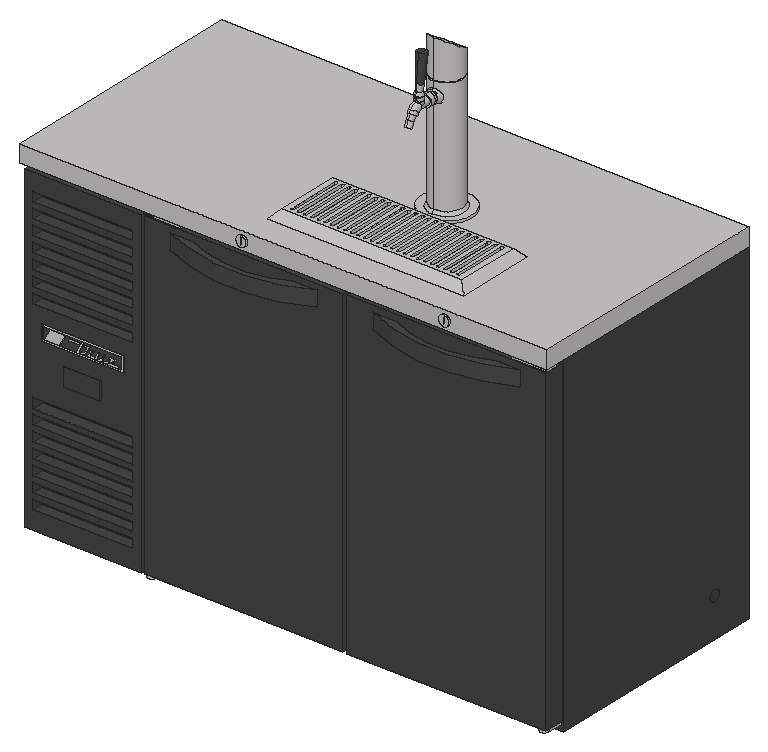
Revit family "QF_TRUE_TDR52-RISZ1-L-B-SS-1", category Specialty Equipment, Revit 2016
Family settings
  Part Type = Normal
  Round Connector Dimension = Use Diameter
  Work Plane-Based = No
  Always vertical = Yes
  Cut with Voids When Loaded = No
  Shared = No
  Room Calculation Point = No
Parameters (values of type "QF_TRUE_TDR52-RISZ1-L-B-SS-1")
  Weight in Pounds = 405
  Watts = if(Phase = 3, Volts * FL Amps * 1.73, Volts * FL Amps)  # 207 W
  Waste Water Discharge Temperature = 0 °F
  Volts = 115 V
  URL Cutsheet = ""
  Specification by User = ""
  Specification by Manufacturer = ""
  Show Logo [instance] = yes
  Show Leg Levelers [instance] = no
  Show Standard Unit [instance] = yes
  Show Seismic Flange [instance] = no
  Show 6 Inches Legs [instance] = no
  Show Clearance [instance] = yes
  Show 1 Inch Rollers [instance] = no
  Show 5 Inches Castors [instance] = no
  Show 4 Inches Castors [instance] = no
  Show 3 Inches Castors [instance] = no
  Show 2 Inches Castors [instance] = no
  Serial Number = ""
  Seismic Rating = ""
  SMACNA No = ""
  Revision Code = ""
  Plumbing Remarks = ""
  Plumbing Connection Type = ""
  Phase = 1
  Number of Poles = 1
  NAFEM Spec ID Number = ""
  Model = "TDR52-RISZ1-L-B-SS-1"
  Min Ckt Ampacity = 0 A
  Max Overcurrent Protection = 0 A
  Masterspec = ""
  Manufacturer = "TRUE"
  Length = 52"
  Item Number = ""
  Installed By = ""
  Indirect Waste Size = 1"
  Indirect Waste Flow = 0 GPM
  Indirect Waste Connection Type = ""
  Indirect Waste Connection Height = 0"
  Identify Quantity as Lot = yes
  Height [instance] = if(Show Standard Unit, 34 11/16", if(Show Leg Levelers, 34 15/16", if(Show 1 Inch Rollers, 35 9/16", if(Show 2 Inches Castors, 37 9/16", if(Show 3 Inches Castors, 38 9/16", if(Show 4 Inches Castors, 39 3/4", if(Show 5 Inches Castors, 40 3/4", if(Show 6 Inches Legs, 40 11/16", if(Show Seismic Flange, 40 11/16", 34 11/16")))))))))  # 34 11/16"
  HP = "1/5"
  Furnished By = ""
  Foodservice Equipment Identifier = yes
  FL Amps = 1.8 A
  Electrical Remarks = ""
  Electric Connection Type = ""
  Elec Conn RI Height = 0"
  Elec Conn Connection Height = 0"
  Description = "REACH-IN SINGLE ZONE REFRIGERATOR WITH LEFT SIDE REFRIGERATION SYSTEM. BLACK EXTERIOR AND SOLID SWING DOORS"  # constant formula
  Depth = 26 3/8"
  Cycle = 60 Hz
  Conn Plug = "NEMA 5-15P"
  Conn Conduit = yes
  Cold Water Temperature Recommended = 0 °F
  Cold Water Size = 2 1/4"
  Cold Water RI Height = 0"
  Cold Water Minimum Pressure = 0.00 psi
  Cold Water Maximum Pressure = 0.00 psi
  Cold Water Flow = 0 GPM
  Cold Water Consumption = ""
  Cold Water Connection Height = 0"
  CSI MasterFormat = ""
  Apparent Power = if(Phase = 3, Volts * FL Amps * 1.73, Volts * FL Amps)  # 207 VA
Reference planes (in)
  plane 1 "BACK": y = 0
  plane 2: z = 0
  plane 3 "LEFT": x = 0
  plane 4 "RIGHT": x = 52
  plane 5 "FRONT": y = -26.375
  plane 6 "TOP": z = 0
  plane 7 "Center Y": x = 26
  plane 8 "Center X": y = -13.1875
  plane 9: y = -24.84375
  plane 10: y = -24.65625
  plane 11: y = -43.59375
  plane 12: z = 34.6875
Dimensions and locks (in)
  equal spacing: plane 3 "LEFT", plane 7 "Center Y", plane 4 "RIGHT"
  "Length": plane 3 "LEFT" to plane 4 "RIGHT"
  equal spacing: plane 5 "FRONT", plane 8 "Center X", plane 1 "BACK"
  "Depth": plane 5 "FRONT" to plane 1 "BACK"
  "Height": plane 12 to level
  plane 3 "LEFT" to plane 4 "RIGHT" = 52"
  plane 5 "FRONT" to plane 1 "BACK" = 26 3/8"
  plane 9 to plane 1 "BACK" = 24 27/32"
  plane 10 to plane 1 "BACK" = 24 21/32"
  plane 11 to plane 1 "BACK" = 43 19/32"
  locked: plane 12 to plane 6 "TOP" at 34.6875
  aligned and locked: level to plane 2
  aligned and locked: nested 1 to plane 6 "TOP"
Nested families (in)
  nested 1: "TDR52-RISZ1-L-B-SS-1" at (0, 0, 0), Show Clearance <- "Show Clearance", Show Logo <- "Show Logo", type "TDR52-RISZ1-L-B-SS-1"
    with Show Logo yes, Show Clearance yes
  nested 2: "CASTORS & LEGS" at (4, -20.61228, 0), Show 2 Inches Castors <- "Show 2 Inches Castors", Show 3 Inches Castors <- "Show 3 Inches Castors", Show 4 Inches Castors <- "Show 4 Inches Castors", Show 5 Inches Castors <- "Show 5 Inches Castors", Show Legs <- "Show 6 Inches Legs", Show Legs with Flandge <- "Show Seismic Flange", Show 1 Inch Rollers <- "Show 1 Inch Rollers", Show Leg Levelers <- "Show Leg Levelers", type "CASTORS & LEGS"
    with Type Mark "", Status "", Specification by User "", Show Legs with Flandge no, Show Legs no, Show Leg Levelers no, Show 5 Inches Castors no, Show 4 Inches Castors no, Show 3 Inches Castors no, Show 2 Inches Castors no, Show 1 Inch Rollers no, Revision Code "", Item Number "", Installed By "", Identify Quantity as Lot yes, Furnished By "", Foodservice Equipment Identifier yes
  nested 3: "CASTORS & LEGS" at (48, -20.61228, 0), Show 2 Inches Castors <- "Show 2 Inches Castors", Show 3 Inches Castors <- "Show 3 Inches Castors", Show 4 Inches Castors <- "Show 4 Inches Castors", Show 5 Inches Castors <- "Show 5 Inches Castors", Show Legs <- "Show 6 Inches Legs", Show Legs with Flandge <- "Show Seismic Flange", Show 1 Inch Rollers <- "Show 1 Inch Rollers", Show Leg Levelers <- "Show Leg Levelers", type "CASTORS & LEGS"
    with Type Mark "", Status "", Specification by User "", Show Legs with Flandge no, Show Legs no, Show Leg Levelers no, Show 5 Inches Castors no, Show 4 Inches Castors no, Show 3 Inches Castors no, Show 2 Inches Castors no, Show 1 Inch Rollers no, Revision Code "", Item Number "", Installed By "", Identify Quantity as Lot yes, Furnished By "", Foodservice Equipment Identifier yes
  nested 4: "CASTORS & LEGS" at (4, -3.48728, 0), Show 2 Inches Castors <- "Show 2 Inches Castors", Show 3 Inches Castors <- "Show 3 Inches Castors", Show 4 Inches Castors <- "Show 4 Inches Castors", Show 5 Inches Castors <- "Show 5 Inches Castors", Show Legs <- "Show 6 Inches Legs", Show Legs with Flandge <- "Show Seismic Flange", Show 1 Inch Rollers <- "Show 1 Inch Rollers", Show Leg Levelers <- "Show Leg Levelers", type "CASTORS & LEGS"
    with Type Mark "", Status "", Specification by User "", Show Legs with Flandge no, Show Legs no, Show Leg Levelers no, Show 5 Inches Castors no, Show 4 Inches Castors no, Show 3 Inches Castors no, Show 2 Inches Castors no, Show 1 Inch Rollers no, Revision Code "", Item Number "", Installed By "", Identify Quantity as Lot yes, Furnished By "", Foodservice Equipment Identifier yes
  nested 5: "CASTORS & LEGS" at (48, -3.48728, 0), Show 2 Inches Castors <- "Show 2 Inches Castors", Show 3 Inches Castors <- "Show 3 Inches Castors", Show 4 Inches Castors <- "Show 4 Inches Castors", Show 5 Inches Castors <- "Show 5 Inches Castors", Show Legs <- "Show 6 Inches Legs", Show Legs with Flandge <- "Show Seismic Flange", Show 1 Inch Rollers <- "Show 1 Inch Rollers", Show Leg Levelers <- "Show Leg Levelers", type "CASTORS & LEGS"
    with Type Mark "", Status "", Specification by User "", Show Legs with Flandge no, Show Legs no, Show Leg Levelers no, Show 5 Inches Castors no, Show 4 Inches Castors no, Show 3 Inches Castors no, Show 2 Inches Castors no, Show 1 Inch Rollers no, Revision Code "", Item Number "", Installed By "", Identify Quantity as Lot yes, Furnished By "", Foodservice Equipment Identifier yes
Connectors (in)
  electrical at (6, 0.25, 18.5), driven by "Volts", driven by "Watts"
    settings: on nested 1, index 1, voltage 115 V, apparent load 207 VA, apparent load phase1 0 VA, apparent load phase2 0 VA, apparent load phase3 0 VA, power factor 1, load classification "Other", number of poles 1, system type 30, power factor state 1, is connector primary yes, connector utility no, sub classification motor no, connector description "ELECTRICAL CONNECTION"
  piping at (16.75, -4.96875, 0.48808), diameter 2.25
    settings: on nested 1, index 2, connector inside diameter 24", connector length 0", flow factor 0, pipe flow 0 GPM, pressure drop 0.00 psi, fitting loss kfactor 0, connector angle 0.00°, fixture units 0, engagement length 0", angle of deflection 0.00°, flow configuration 1, flow direction 2, fitting loss method 0, system type 16, joint type 0, gender type 0, connector reference index -1, connector utility 0, adjustable connector no, is connector primary yes, connector description "FLOOR ACCESS"
  piping at (44.25, -4.34375, 0.48808), diameter 1, driven by "Indirect Waste Size"
    settings: on nested 1, index 3, connector inside diameter 24", connector length 0", flow factor 0, pipe flow 0 GPM, pressure drop 0.00 psi, fitting loss kfactor 0, connector angle 0.00°, fixture units 0, engagement length 0", angle of deflection 0.00°, flow configuration 1, flow direction 1, fitting loss method 0, system type 22, joint type 0, gender type 0, connector reference index -1, connector utility 0, adjustable connector no, is connector primary no, connector description "DRAIN"
  piping at (52.125, -4.3125, 3.96875), diameter 1
    settings: on nested 1, index 4, connector inside diameter 24", connector length 0", flow factor 0, pipe flow 0 GPM, pressure drop 0.00 psi, fitting loss kfactor 0, connector angle 0.00°, fixture units 0, engagement length 0", angle of deflection 0.00°, flow configuration 1, flow direction 1, fitting loss method 0, system type 22, joint type 0, gender type 0, connector reference index -1, connector utility 0, adjustable connector no, is connector primary no, connector description "CONDENSATE"
Definition of nested family "TDR52-RISZ1-L-B-SS-1"
  Parameters (values of type "TDR52-RISZ1-L-B-SS-1")
    Weight in Pounds = 405
    Watts = if(Phase = 3, Volts * FL Amps * 1.73, Volts * FL Amps)  # 207 W
    Waste Water Discharge Temperature = 0 °F
    Volts = 115 V
    URL Cutsheet = ""
    Specification by User = ""
    Specification by Manufacturer = ""
    Show Logo [instance] = yes
    Show Clearance [instance] = yes
    Serial Number = ""
    Seismic Rating = ""
    SMACNA No = ""
    Revision Code = ""
    Plumbing Remarks = ""
    Plumbing Connection Type = ""
    Phase = 1
    Number of Poles = 1
    NAFEM Spec ID Number = ""
    Model = "TBR52-RISZ1-L-B-GG-1"
    Min Ckt Ampacity = 0 A
    Max Overcurrent Protection = 0 A
    Masterspec = ""
    Manufacturer = "TRUE"
    Length = 52"
    Item Number = ""
    Installed By = ""
    Indirect Waste Size = 1"
    Indirect Waste Flow = 0 GPM
    Indirect Waste Connection Type = ""
    Indirect Waste Connection Height = 0"
    Identify Quantity as Lot = yes
    Height = 34 11/16"
    HP = "1/5"
    Furnished By = ""
    Foodservice Equipment Identifier = yes
    FL Amps = 1.8 A
    Electrical Remarks = ""
    Electric Connection Type = ""
    Elec Conn RI Height = 0"
    Elec Conn Connection Height = 0"
    Description = "REACH-IN SINGLE ZONE REFRIGERATOR WITH LEFT SIDE REFRIGERATION SYSTEM. BLACK EXTERIOR AND GLASS SWING DOORS"
    Depth = 26 3/8"
    Cycle = 60 Hz
    Conn Plug = "NEMA 5-15P"
    Conn Conduit = yes
    Cold Water Temperature Recommended = 0 °F
    Cold Water Size = 2 1/4"
    Cold Water RI Height = 0"
    Cold Water Minimum Pressure = 0.00 psi
    Cold Water Maximum Pressure = 0.00 psi
    Cold Water Flow = 0 GPM
    Cold Water Consumption = ""
    Cold Water Connection Height = 0"
    CSI MasterFormat = ""
    Apparent Power = if(Phase = 3, Volts * FL Amps * 1.73, Volts * FL Amps)  # 207 VA
  Reference planes (in)
    plane 1 "BACK": y = 0
    plane 2: z = 0
    plane 3 "LEFT": x = 0
    plane 4 "RIGHT": x = 52
    plane 5 "FRONT": y = -26.375
    plane 6 "TOP": z = 34.6875
    plane 7 "Center Y": x = 26
    plane 8 "Center X": y = -13.1875
    plane 9: y = -24.84375
    plane 10: y = -24.65625
    plane 11: y = -43.59375
    plane 12: x = 32
    plane 13: y = -12.21875
    plane 14: z = 50.4375
  Forms (in)
    Extrusion 1, solid
      sketch origin (0, 0, 0) x (0, 1, 0) y (0, 0, 1)
        loop
          line (-24.84375, 34.6875) -> (-24.84375, 32.9375) -> (0, 32.9375) -> (0, 34.6875) -> (-24.84375, 34.6875)
      from 0 to 52
    Extrusion 2, solid
      sketch origin (0, 0, 0) x (1, 0, 0) y (0, 0, 1)
        loop
          line (0, 32.9375) -> (0, 0) -> (52, 0) -> (52, 32.9375) -> (0, 32.9375)
        loop
          line (12.09375, 32.46875) -> (12.09375, 0.78125) -> (51.75, 0.78125) -> (51.75, 32.46875) -> (12.09375, 32.46875)
      from 0 to 22.75
    Extrusion 3, solid
      sketch origin (0, 0, 0) x (-1, 0, 0) y (0, 0, 1)
        loop
          line (-12.09375, 32.46875) -> (-51.75, 32.46875) -> (-51.75, 0.78125) -> (-12.09375, 0.78125) -> (-12.09375, 32.46875)
      from 0 to -2
    Extrusion 4, solid
      sketch origin (0, -22.75, 0) x (1, 0, 0) y (0, 0, 1)
        loop
          line (0.25, 0.78125) -> (11.84375, 0.78125) -> (11.84375, 32.46875) -> (0.25, 32.46875) -> (0.25, 0.78125)
        loop
          line (1.125, 30.81709) -> (1.125, 29.81709) -> (10.96875, 29.81709) -> (10.96875, 30.81709) -> (1.125, 30.81709)
        loop
          line (1.125, 29.31709) -> (1.125, 28.31709) -> (10.96875, 28.31709) -> (10.96875, 29.31709) -> (1.125, 29.31709)
        loop
          line (1.125, 27.81709) -> (1.125, 26.81709) -> (10.96875, 26.81709) -> (10.96875, 27.81709) -> (1.125, 27.81709)
        loop
          line (1.125, 26.31709) -> (1.125, 25.31709) -> (10.96875, 25.31709) -> (10.96875, 26.31709) -> (1.125, 26.31709)
        loop
          line (1.125, 24.81709) -> (1.125, 23.81709) -> (10.96875, 23.81709) -> (10.96875, 24.81709) -> (1.125, 24.81709)
        loop
          line (1.125, 21.81709) -> (1.125, 20.81709) -> (10.96875, 20.81709) -> (10.96875, 21.81709) -> (1.125, 21.81709)
        loop
          line (1.125, 23.31709) -> (1.125, 22.31709) -> (10.96875, 22.31709) -> (10.96875, 23.31709) -> (1.125, 23.31709)
        loop
          line (1.125, 12.56709) -> (1.125, 11.56709) -> (10.96875, 11.56709) -> (10.96875, 12.56709) -> (1.125, 12.56709)
        loop
          line (1.125, 11.06709) -> (1.125, 10.06709) -> (10.96875, 10.06709) -> (10.96875, 11.06709) -> (1.125, 11.06709)
        loop
          line (1.125, 9.56709) -> (1.125, 8.56709) -> (10.96875, 8.56709) -> (10.96875, 9.56709) -> (1.125, 9.56709)
        loop
          line (1.125, 8.06709) -> (1.125, 7.06709) -> (10.96875, 7.06709) -> (10.96875, 8.06709) -> (1.125, 8.06709)
        loop
          line (1.125, 6.56709) -> (1.125, 5.56709) -> (10.96875, 5.56709) -> (10.96875, 6.56709) -> (1.125, 6.56709)
        loop
          line (1.125, 3.56709) -> (1.125, 2.56709) -> (10.96875, 2.56709) -> (10.96875, 3.56709) -> (1.125, 3.56709)
        loop
          line (1.125, 5.06709) -> (1.125, 4.06709) -> (10.96875, 4.06709) -> (10.96875, 5.06709) -> (1.125, 5.06709)
      from 0.125 to 1.90625
    Extrusion 5, solid
      sketch origin (0, -22.75, 0) x (1, 0, 0) y (0, 0, 1)
        loop
          line (12.09375, 0.78125) -> (31.71875, 0.78125) -> (31.71875, 32.46875) -> (12.09375, 32.46875) -> (12.09375, 0.78125)
        loop
          line (51.75, 0.78125) -> (51.75, 32.46875) -> (32.125, 32.46875) -> (32.125, 0.78125) -> (51.75, 0.78125)
      from 0 to 1.90625
    Extrusion 6, solid
      sketch origin (0.04324, -24.65625, 0) x (1, 0, 0) y (0, 0, 1)
        loop
          line (4.20676, 16.37472) -> (4.20676, 14.62472) -> (7.80051, 14.62472) -> (7.80051, 16.37472) -> (4.20676, 16.37472)
      from 0 to 0.125
    Extrusion 7, solid
      sketch origin (6, -24.84375, 34.4375) x (0, 0, 1) y (-1, 0, 0)
        loop
          circle (-0.65572, -15.90625) r 0.5
        loop
          line (-0.32569, -15.84362) -> (-0.96744, -15.84362) -> (-0.96744, -15.98332) -> (-0.32569, -15.98332) -> (-0.32569, -15.84362)
        loop
          circle (-0.65572, -35.9375) r 0.5
        loop
          line (-0.32569, -35.87487) -> (-0.96744, -35.87487) -> (-0.96744, -36.01457) -> (-0.32569, -36.01457) -> (-0.32569, -35.87487)
      from 0 to 0.125
    Extrusion 8, solid
      sketch origin (0, -22.75, 0) x (1, 0, 0) y (0, 0, 1)
        loop
          line (1.28286, 30.81709) -> (1.28286, 29.81709) -> (11.12661, 29.81709) -> (11.12661, 30.81709) -> (1.28286, 30.81709)
        loop
          line (1.28286, 29.31709) -> (1.28286, 28.31709) -> (11.12661, 28.31709) -> (11.12661, 29.31709) -> (1.28286, 29.31709)
        loop
          line (1.28286, 27.81709) -> (1.28286, 26.81709) -> (11.12661, 26.81709) -> (11.12661, 27.81709) -> (1.28286, 27.81709)
        loop
          line (1.28286, 26.31709) -> (1.28286, 25.31709) -> (11.12661, 25.31709) -> (11.12661, 26.31709) -> (1.28286, 26.31709)
        loop
          line (1.28286, 24.81709) -> (1.28286, 23.81709) -> (11.12661, 23.81709) -> (11.12661, 24.81709) -> (1.28286, 24.81709)
        loop
          line (1.28286, 21.81709) -> (1.28286, 20.81709) -> (11.12661, 20.81709) -> (11.12661, 21.81709) -> (1.28286, 21.81709)
        loop
          line (1.28286, 23.31709) -> (1.28286, 22.31709) -> (11.12661, 22.31709) -> (11.12661, 23.31709) -> (1.28286, 23.31709)
        loop
          line (1.28286, 12.56709) -> (1.28286, 11.56709) -> (11.12661, 11.56709) -> (11.12661, 12.56709) -> (1.28286, 12.56709)
        loop
          line (1.28286, 11.06709) -> (1.28286, 10.06709) -> (11.12661, 10.06709) -> (11.12661, 11.06709) -> (1.28286, 11.06709)
        loop
          line (1.28286, 9.56709) -> (1.28286, 8.56709) -> (11.12661, 8.56709) -> (11.12661, 9.56709) -> (1.28286, 9.56709)
        loop
          line (1.28286, 8.06709) -> (1.28286, 7.06709) -> (11.12661, 7.06709) -> (11.12661, 8.06709) -> (1.28286, 8.06709)
        loop
          line (1.28286, 6.56709) -> (1.28286, 5.56709) -> (11.12661, 5.56709) -> (11.12661, 6.56709) -> (1.28286, 6.56709)
        loop
          line (1.28286, 3.56709) -> (1.28286, 2.56709) -> (11.12661, 2.56709) -> (11.12661, 3.56709) -> (1.28286, 3.56709)
        loop
          line (1.28286, 5.06709) -> (1.28286, 4.06709) -> (11.12661, 4.06709) -> (11.12661, 5.06709) -> (1.28286, 5.06709)
      from 0.125 to 0.7394
    Extrusion 9, solid
      sketch origin (38.62034, -22.77627, 32.7789) x (-1, 0, 0) y (0, -1, 0)
        loop
          line (26.54069, 1.96875) -> (25.55416, 1.96875) -> (25.58853, 0) -> (26.50632, 0) -> (26.54069, 1.96875)
        loop
          circle (26.09249, 1.43752) r 0.25
      from 0 to 0.1586
    Extrusion 10, solid
      sketch origin (11.86749, -22.16889, 0.78125) x (0, -1, 0) y (-1, 0, 0)
        loop
          line (0.60739, -1.14466) -> (2.06523, -1.11503)
          arc (2.06523, -1.11503) -> (2.48736, -0.68546) -> (2.06523, -0.25589) r 0.42963
          line (2.06523, -0.25589) -> (0.60739, -0.22626) -> (0.60739, -1.14466)
        loop
          circle (2.05773, -0.68546) r 0.25
      from 0 to 0.22057
    Extrusion 11, solid
      sketch origin (11.86749, -22.16889, 0.78125) x (0, -1, 0) y (-1, 0, 0)
        loop
          circle (2.05773, -0.68546) r 0.25
      from 0 to 0.29961
    Extrusion 12, solid
      sketch origin (38.62034, -22.16889, 32.46875) x (-1, 0, 0) y (0, -1, 0)
        loop
          line (26.52659, 1.27764) -> (26.52659, 2.32875) -> (23.06149, 2.32875) -> (23.06149, 1.27764) -> (26.52659, 1.27764)
        loop
          circle (26.09113, 1.82353) r 0.25
        loop
          circle (24.44087, 1.81192) r 0.25
        loop
          circle (23.44087, 1.81192) r 0.25
      from 0 to 0.22057
    Extrusion 13, solid
      sketch origin (38.62034, -22.16889, 32.46875) x (-1, 0, 0) y (0, -1, 0)
        loop
          circle (24.44087, 1.81192) r 0.25
        loop
          circle (23.44087, 1.81192) r 0.25
      from 0 to 0.31015
    Extrusion 14, solid
      sketch origin (11.86749, -22.16889, 0.78125) x (0, -1, 0) y (-1, 0, 0)
        loop
          line (0.60739, -1.14466) -> (2.06523, -1.11503)
          arc (2.06523, -1.11503) -> (2.48736, -0.68546) -> (2.06523, -0.25589) r 0.42963
          line (2.06523, -0.25589) -> (0.60739, -0.22626) -> (0.60739, -1.14466)
        loop
          circle (2.05773, -0.68546) r 0.25
      from 0 to 0.22057
    Extrusion 15, solid
      sketch origin (11.86749, -22.16889, 0.78125) x (0, -1, 0) y (-1, 0, 0)
        loop
          circle (2.05773, -0.68546) r 0.25
      from 0 to 0.29961
    Extrusion 16, solid
      sketch origin (38.62034, -22.16889, 32.9664) x (-1, 0, 0) y (0, -1, 0)
        loop
          circle (26.09249, 1.82353) r 0.25
      from -0.0289 to -0.27708
    Extrusion 17, solid
      sketch origin (25.22341, -22.77627, 32.7789) x (1, 0, 0) y (0, 1, 0)
        loop
          line (26.54069, -1.96875) -> (26.50632, 0) -> (25.58853, 0) -> (25.55416, -1.96875) -> (26.54069, -1.96875)
        loop
          circle (26.09249, -1.43752) r 0.25
      from 0 to 0.1586
    Extrusion 18, solid
      sketch origin (51.97626, -22.16889, 0.78125) x (0, 1, 0) y (1, 0, 0)
        loop
          line (-0.60739, -1.14466) -> (-0.60739, -0.22626) -> (-2.06523, -0.25589)
          arc (-2.06523, -0.25589) -> (-2.48736, -0.68546) -> (-2.06523, -1.11503) r 0.42963
          line (-2.06523, -1.11503) -> (-0.60739, -1.14466)
        loop
          circle (-2.05773, -0.68546) r 0.25
      from 0 to 0.22057
    Extrusion 19, solid
      sketch origin (51.97626, -22.16889, 0.78125) x (0, 1, 0) y (1, 0, 0)
        loop
          circle (-2.05773, -0.68546) r 0.25
      from 0 to 0.29961
    Extrusion 20, solid
      sketch origin (25.22341, -22.16889, 32.46875) x (1, 0, 0) y (0, 1, 0)
        loop
          line (26.52659, -1.27764) -> (23.06149, -1.27764) -> (23.06149, -2.32875) -> (26.52659, -2.32875) -> (26.52659, -1.27764)
        loop
          circle (26.09113, -1.82353) r 0.25
        loop
          circle (24.44087, -1.81192) r 0.25
        loop
          circle (23.44087, -1.81192) r 0.25
      from 0 to 0.22057
    Extrusion 21, solid
      sketch origin (25.22341, -22.16889, 32.46875) x (1, 0, 0) y (0, 1, 0)
        loop
          circle (24.44087, -1.81192) r 0.25
        loop
          circle (23.44087, -1.81192) r 0.25
      from 0 to 0.31015
    Extrusion 22, solid
      sketch origin (51.97626, -22.16889, 0.78125) x (0, 1, 0) y (1, 0, 0)
        loop
          line (-0.60739, -1.14466) -> (-0.60739, -0.22626) -> (-2.06523, -0.25589)
          arc (-2.06523, -0.25589) -> (-2.48736, -0.68546) -> (-2.06523, -1.11503) r 0.42963
          line (-2.06523, -1.11503) -> (-0.60739, -1.14466)
        loop
          circle (-2.05773, -0.68546) r 0.25
      from 0 to 0.22057
    Extrusion 23, solid
      sketch origin (51.97626, -22.16889, 0.78125) x (0, 1, 0) y (1, 0, 0)
        loop
          circle (-2.05773, -0.68546) r 0.25
      from 0 to 0.29961
    Extrusion 24, solid
      sketch origin (25.22341, -22.16889, 32.9664) x (1, 0, 0) y (0, 1, 0)
        loop
          circle (26.09249, -1.82353) r 0.25
      from -0.0289 to -0.27708
    Extrusion 25, solid
      sketch origin (32.8125, -22.75, 32.46875) x (-1, 0, 0) y (0, -1, 0)
        loop
          arc (18.16831, 1.90625) -> (10.90625, 3.65113) -> (3.64419, 1.90625) r 15.9845
          line (3.64419, 1.90625) -> (5.9146, 1.90625)
          arc (5.9146, 1.90625) -> (10.90625, 3.15287) -> (15.8979, 1.90625) r 10.61701
          line (15.8979, 1.90625) -> (18.16831, 1.90625)
        loop
          arc (-1.86294, 1.90625) -> (-9.125, 3.65113) -> (-16.38706, 1.90625) r 15.9845
          line (-16.38706, 1.90625) -> (-14.11665, 1.90625)
          arc (-14.11665, 1.90625) -> (-9.125, 3.15287) -> (-4.13335, 1.90625) r 10.61701
          line (-4.13335, 1.90625) -> (-1.86294, 1.90625)
      from -2.11784 to -0.60631
    Extrusion 26, solid
      sketch origin (52, 0, 0) x (0, -1, 0) y (0, 0, 1)
        loop
          circle (4.3125, 3.96875) r 0.5
      from 0 to -0.125
    Extrusion 27, solid
      sketch origin (0, 0, 0) x (-1, 0, 0) y (0, 0, 1)
        loop
          line (0, 0) -> (0, 19.4375) -> (-10.96875, 19.4375) -> (-10.96875, 0) -> (0, 0)
      from 0 to 0.125
    Extrusion 28, solid
      sketch origin (0, 0, 0) x (-1, 0, 0) y (0, 0, 1)
        loop
          circle (-6, 18.5) r 0.5
        loop
          circle (-6, 21.75) r 0.5
      from 0 to 0.25
    Extrusion 29, solid
      sketch origin (48, 0, 0) x (0, 1, 0) y (1, 0, 0)
        loop
          circle (-4.96875, -31.25) r 1.25
        loop
          circle (-4.34375, -3.75) r 0.5
      from 0 to -0.48808
    Extrusion 30, solid, visible <- "Show Clearance", detail levels coarse
      sketch origin (0, 0, 0) x (1, 0, 0) y (0, 1, 0)
        loop
          line (12.09375, -24.65625) -> (12.09375, -43.59375)
          arc (12.09375, -43.59375) -> (25.76963, -38.12863) -> (31.71875, -24.65625) r 19.49216
          line (31.71875, -24.65625) -> (12.09375, -24.65625)
        loop
          line (51.75, -24.65625) -> (32.125, -24.65625)
          arc (32.125, -24.65625) -> (38.07412, -38.12863) -> (51.75, -43.59375) r 19.49216
          line (51.75, -43.59375) -> (51.75, -24.65625)
      from 0.78125 to 32.46875
    Revolve 31, solid
      sketch origin (32, 7.92254, 48) x (0, 1, 0) y (0, 0, 1)
        loop
          line (-21.6916, 2.4375) -> (-21.6916, -1.28109) -> (-21.57551, -1.28109) -> (-21.57551, -1.4063) -> (-21.6916, -1.4063) -> (-21.6916, -12.76014) -> (-21.8852, -13.09546) -> (-22.6352, -13.09546) -> (-22.6352, -13.3125) -> (-20.14129, -13.3125) -> (-20.14129, 2.4375) -> (-21.6916, 2.4375)
        axis (-20.14129, -13.3125) -> (-20.14129, 2.4375)
      angle from 0 to 360
    Blend 32, solid
      base sketch origin (58.97483, -0.10353, 34.6875) x (-1, 0, 0) y (0, -1, 0)
        loop
          line (36.625, 14.26103) -> (36.625, 22.11177) -> (17.32467, 22.11177) -> (17.32467, 14.26103) -> (36.625, 14.26103)
      top sketch origin (58.97483, -0.10353, 34.6875) x (-1, 0, 0) y (0, -1, 0)
        loop
          line (35.875, 15.01103) -> (35.875, 21.36177) -> (18.07467, 21.36177) -> (18.07467, 15.01103) -> (35.875, 15.01103)
      from 0 to 0.80078
    Extrusion 33, void
      sketch origin (58.7014, -0.10353, 35.48828) x (-1, 0, 0) y (0, -1, 0)
        loop
          arc (35.09417, 20.80347) -> (34.9223, 20.97534) -> (34.75042, 20.80347) r 0.17187
          line (34.75042, 20.80347) -> (34.75042, 15.53813)
          arc (34.75042, 15.53813) -> (34.9223, 15.36625) -> (35.09417, 15.53813) r 0.17187
          line (35.09417, 15.53813) -> (35.09417, 20.80347)
        loop
          arc (34.43792, 20.80347) -> (34.26605, 20.97534) -> (34.09417, 20.80347) r 0.17187
          line (34.09417, 20.80347) -> (34.09417, 15.53813)
          arc (34.09417, 15.53813) -> (34.26605, 15.36625) -> (34.43792, 15.53813) r 0.17187
          line (34.43792, 15.53813) -> (34.43792, 20.80347)
        loop
          arc (33.78167, 20.80347) -> (33.6098, 20.97534) -> (33.43792, 20.80347) r 0.17187
          line (33.43792, 20.80347) -> (33.43792, 15.53813)
          arc (33.43792, 15.53813) -> (33.6098, 15.36625) -> (33.78167, 15.53813) r 0.17187
          line (33.78167, 15.53813) -> (33.78167, 20.80347)
        loop
          arc (33.12542, 20.80347) -> (32.95355, 20.97534) -> (32.78167, 20.80347) r 0.17187
          line (32.78167, 20.80347) -> (32.78167, 15.53813)
          arc (32.78167, 15.53813) -> (32.95355, 15.36625) -> (33.12542, 15.53813) r 0.17187
          line (33.12542, 15.53813) -> (33.12542, 20.80347)
        loop
          arc (32.46917, 20.80347) -> (32.2973, 20.97534) -> (32.12542, 20.80347) r 0.17187
          line (32.12542, 20.80347) -> (32.12542, 15.53813)
          arc (32.12542, 15.53813) -> (32.2973, 15.36625) -> (32.46917, 15.53813) r 0.17187
          line (32.46917, 15.53813) -> (32.46917, 20.80347)
        loop
          arc (31.81292, 20.80347) -> (31.64105, 20.97534) -> (31.46917, 20.80347) r 0.17187
          line (31.46917, 20.80347) -> (31.46917, 15.53813)
          arc (31.46917, 15.53813) -> (31.64105, 15.36625) -> (31.81292, 15.53813) r 0.17187
          line (31.81292, 15.53813) -> (31.81292, 20.80347)
        loop
          arc (31.15667, 20.80347) -> (30.9848, 20.97534) -> (30.81292, 20.80347) r 0.17187
          line (30.81292, 20.80347) -> (30.81292, 15.53813)
          arc (30.81292, 15.53813) -> (30.9848, 15.36625) -> (31.15667, 15.53813) r 0.17187
          line (31.15667, 15.53813) -> (31.15667, 20.80347)
        loop
          arc (30.50042, 20.80347) -> (30.32855, 20.97534) -> (30.15667, 20.80347) r 0.17187
          line (30.15667, 20.80347) -> (30.15667, 15.53813)
          arc (30.15667, 15.53813) -> (30.32855, 15.36625) -> (30.50042, 15.53813) r 0.17187
          line (30.50042, 15.53813) -> (30.50042, 20.80347)
        loop
          arc (29.84417, 20.80347) -> (29.6723, 20.97534) -> (29.50042, 20.80347) r 0.17187
          line (29.50042, 20.80347) -> (29.50042, 15.53813)
          arc (29.50042, 15.53813) -> (29.6723, 15.36625) -> (29.84417, 15.53813) r 0.17187
          line (29.84417, 15.53813) -> (29.84417, 20.80347)
        loop
          arc (29.18792, 20.80347) -> (29.01605, 20.97534) -> (28.84417, 20.80347) r 0.17187
          line (28.84417, 20.80347) -> (28.84417, 15.53813)
          arc (28.84417, 15.53813) -> (29.01605, 15.36625) -> (29.18792, 15.53813) r 0.17187
          line (29.18792, 15.53813) -> (29.18792, 20.80347)
        loop
          arc (28.53167, 20.80347) -> (28.3598, 20.97534) -> (28.18792, 20.80347) r 0.17187
          line (28.18792, 20.80347) -> (28.18792, 15.53813)
          arc (28.18792, 15.53813) -> (28.3598, 15.36625) -> (28.53167, 15.53813) r 0.17187
          line (28.53167, 15.53813) -> (28.53167, 20.80347)
        loop
          arc (27.87542, 20.80347) -> (27.70355, 20.97534) -> (27.53167, 20.80347) r 0.17187
          line (27.53167, 20.80347) -> (27.53167, 15.53813)
          arc (27.53167, 15.53813) -> (27.70355, 15.36625) -> (27.87542, 15.53813) r 0.17187
          line (27.87542, 15.53813) -> (27.87542, 20.80347)
        loop
          arc (27.21917, 20.80347) -> (27.0473, 20.97534) -> (26.87542, 20.80347) r 0.17187
          line (26.87542, 20.80347) -> (26.87542, 15.53813)
          arc (26.87542, 15.53813) -> (27.0473, 15.36625) -> (27.21917, 15.53813) r 0.17187
          line (27.21917, 15.53813) -> (27.21917, 20.80347)
        loop
          arc (26.56292, 20.80347) -> (26.39105, 20.97534) -> (26.21917, 20.80347) r 0.17187
          line (26.21917, 20.80347) -> (26.21917, 15.53813)
          arc (26.21917, 15.53813) -> (26.39105, 15.36625) -> (26.56292, 15.53813) r 0.17187
          line (26.56292, 15.53813) -> (26.56292, 20.80347)
        loop
          arc (25.90667, 20.80347) -> (25.7348, 20.97534) -> (25.56292, 20.80347) r 0.17187
          line (25.56292, 20.80347) -> (25.56292, 15.53813)
          arc (25.56292, 15.53813) -> (25.7348, 15.36625) -> (25.90667, 15.53813) r 0.17187
          line (25.90667, 15.53813) -> (25.90667, 20.80347)
        loop
          arc (25.25042, 20.80347) -> (25.07855, 20.97534) -> (24.90667, 20.80347) r 0.17187
          line (24.90667, 20.80347) -> (24.90667, 15.53813)
          arc (24.90667, 15.53813) -> (25.07855, 15.36625) -> (25.25042, 15.53813) r 0.17187
          line (25.25042, 15.53813) -> (25.25042, 20.80347)
        loop
          arc (24.59417, 20.80347) -> (24.4223, 20.97534) -> (24.25042, 20.80347) r 0.17187
          line (24.25042, 20.80347) -> (24.25042, 15.53813)
          arc (24.25042, 15.53813) -> (24.4223, 15.36625) -> (24.59417, 15.53813) r 0.17187
          line (24.59417, 15.53813) -> (24.59417, 20.80347)
        loop
          arc (23.93792, 20.80347) -> (23.76605, 20.97534) -> (23.59417, 20.80347) r 0.17187
          line (23.59417, 20.80347) -> (23.59417, 15.53813)
          arc (23.59417, 15.53813) -> (23.76605, 15.36625) -> (23.93792, 15.53813) r 0.17187
          line (23.93792, 15.53813) -> (23.93792, 20.80347)
        loop
          arc (23.28167, 20.80347) -> (23.1098, 20.97534) -> (22.93792, 20.80347) r 0.17187
          line (22.93792, 20.80347) -> (22.93792, 15.53813)
          arc (22.93792, 15.53813) -> (23.1098, 15.36625) -> (23.28167, 15.53813) r 0.17187
          line (23.28167, 15.53813) -> (23.28167, 20.80347)
        loop
          arc (22.62542, 20.80347) -> (22.45355, 20.97534) -> (22.28167, 20.80347) r 0.17187
          line (22.28167, 20.80347) -> (22.28167, 15.53813)
          arc (22.28167, 15.53813) -> (22.45355, 15.36625) -> (22.62542, 15.53813) r 0.17187
          line (22.62542, 15.53813) -> (22.62542, 20.80347)
        loop
          arc (21.96917, 20.80347) -> (21.7973, 20.97534) -> (21.62542, 20.80347) r 0.17187
          line (21.62542, 20.80347) -> (21.62542, 15.53813)
          arc (21.62542, 15.53813) -> (21.7973, 15.36625) -> (21.96917, 15.53813) r 0.17187
          line (21.96917, 15.53813) -> (21.96917, 20.80347)
        loop
          arc (21.31292, 20.80347) -> (21.14105, 20.97534) -> (20.96917, 20.80347) r 0.17187
          line (20.96917, 20.80347) -> (20.96917, 15.53813)
          arc (20.96917, 15.53813) -> (21.14105, 15.36625) -> (21.31292, 15.53813) r 0.17187
          line (21.31292, 15.53813) -> (21.31292, 20.80347)
        loop
          arc (20.65667, 20.80347) -> (20.4848, 20.97534) -> (20.31292, 20.80347) r 0.17187
          line (20.31292, 20.80347) -> (20.31292, 15.53813)
          arc (20.31292, 15.53813) -> (20.4848, 15.36625) -> (20.65667, 15.53813) r 0.17187
          line (20.65667, 15.53813) -> (20.65667, 20.80347)
        loop
          arc (20.00042, 20.80347) -> (19.82855, 20.97534) -> (19.65667, 20.80347) r 0.17187
          line (19.65667, 20.80347) -> (19.65667, 15.53813)
          arc (19.65667, 15.53813) -> (19.82855, 15.36625) -> (20.00042, 15.53813) r 0.17187
          line (20.00042, 15.53813) -> (20.00042, 20.80347)
        loop
          arc (19.34417, 20.80347) -> (19.1723, 20.97534) -> (19.00042, 20.80347) r 0.17187
          line (19.00042, 20.80347) -> (19.00042, 15.53813)
          arc (19.00042, 15.53813) -> (19.1723, 15.36625) -> (19.34417, 15.53813) r 0.17187
          line (19.34417, 15.53813) -> (19.34417, 20.80347)
        loop
          arc (18.68792, 20.80347) -> (18.51605, 20.97534) -> (18.34417, 20.80347) r 0.17187
          line (18.34417, 20.80347) -> (18.34417, 15.53813)
          arc (18.34417, 15.53813) -> (18.51605, 15.36625) -> (18.68792, 15.53813) r 0.17187
          line (18.68792, 15.53813) -> (18.68792, 20.80347)
      from 0 to -0.25
    Extrusion 34, void
      sketch origin (32, 7.92254, 48) x (0, 1, 0) y (0, 0, 1)
        loop
          line (-21.6916, 2.4375) -> (-17.61409, -0.21047) -> (-17.61409, 2.4375) -> (-21.6916, 2.4375)
      from -3.11934 to 3.44316
    Revolve 35, solid
      sketch origin (32, -10.20656, 37.5625) x (0, 1, 0) y (0, 0, 1)
        loop
          line (-3.1245, 8.54961) -> (-3.83809, 8.33854) -> (-3.83809, 8.19638) -> (-4.14076, 8.19638) -> (-4.14076, 8.29864) -> (-4.59459, 8.33854) -> (-4.59459, 7.75) -> (-3.1245, 7.75) -> (-3.1245, 8.54961)
        axis (-4.59459, 7.75) -> (-3.1245, 7.75)
      angle from 0 to 360
    Sweep 36, solid
      path origin (32, -10.20656, 37.5625) x (0, 1, 0) y (0, 0, 1)
        loop
          line (-6.20823, 7.27655) -> (-6.05649, 7.53935)
          arc (-6.05649, 7.53935) -> (-5.90229, 7.69356) -> (-5.69164, 7.75) r 0.42129
          line (-5.69164, 7.75) -> (-4.59459, 7.75)
      profile origin (32, -16.33892, 44.97045) x (0, -0.866025, 0.5) y (1, 0, 0)
        loop
          circle (0, 0) r 0.38996
    Revolve 37, solid
      sketch origin (32, -10.11487, 37.5625) x (0, 1, 0) y (0, 0, 1)
        loop
          line (-6.00212, 7.10461) -> (-6.29992, 7.27655) -> (-6.84717, 6.32867) -> (-6.60265, 6.1875) -> (-6.3059, 6.70149) -> (-6.00212, 7.10461)
        axis (-6.29992, 7.27655) -> (-6.84717, 6.32867)
      angle from 0 to 360
    Revolve 38, solid
      sketch origin (32, -10.20656, 37.5625) x (0, 1, 0) y (0, 0, 1)
        loop
          line (-5.7963, 7.83401) -> (-5.4378, 7.83401) -> (-5.4378, 8.58754) -> (-5.75588, 8.58754) -> (-5.83409, 8.50933) -> (-5.83409, 8.25933) -> (-5.7963, 8.19387) -> (-5.7963, 7.83401)
        axis (-5.4378, 7.83401) -> (-5.4378, 8.58754)
      angle from 0 to 360
    Revolve 39, solid
      sketch origin (32, -10.20656, 37.5625) x (0, 1, 0) y (0, 0, 1)
        loop
          line (-5.04861, 12.29037) -> (-5.44993, 8.47216) -> (-5.31388, 8.45786) -> (-5.29696, 8.61884) -> (-5.05675, 8.61884) -> (-5.09034, 8.89242) -> (-5.15716, 8.90785) -> (-4.99293, 9.61924) -> (-4.5992, 12.24314) -> (-5.04861, 12.29037)
        axis (-5.44993, 8.47216) -> (-5.04861, 12.29037)
      angle from 0 to 360
    Revolve 40, solid, not visible
      sketch origin (20.96875, 8.02607, 48) x (0, 1, 0) y (0, 0, 1)
        loop
          line (-21.6916, 2.4375) -> (-21.6916, -1.28109) -> (-21.57551, -1.28109) -> (-21.57551, -1.4063) -> (-21.6916, -1.4063) -> (-21.6916, -12.76014) -> (-21.8852, -13.09546) -> (-22.6352, -13.09546) -> (-22.6352, -13.3125) -> (-20.14129, -13.3125) -> (-20.14129, 2.4375) -> (-21.6916, 2.4375)
        axis (-20.14129, -13.3125) -> (-20.14129, 2.4375)
      angle from 0 to 360
    Blend 41, solid, not visible
      base sketch origin (47.94358, 0, 34.6875) x (-1, 0, 0) y (0, -1, 0)
        loop
          line (36.625, 14.26103) -> (36.625, 22.11177) -> (17.32467, 22.11177) -> (17.32467, 14.26103) -> (36.625, 14.26103)
      top sketch origin (47.94358, 0, 34.6875) x (-1, 0, 0) y (0, -1, 0)
        loop
          line (35.875, 15.01103) -> (35.875, 21.36177) -> (18.07467, 21.36177) -> (18.07467, 15.01103) -> (35.875, 15.01103)
      from 0 to 0.80078
    Extrusion 42, void, not visible
      sketch origin (47.67015, 0, 35.48828) x (-1, 0, 0) y (0, -1, 0)
        loop
          arc (35.09417, 20.80347) -> (34.9223, 20.97534) -> (34.75042, 20.80347) r 0.17187
          line (34.75042, 20.80347) -> (34.75042, 15.53813)
          arc (34.75042, 15.53813) -> (34.9223, 15.36625) -> (35.09417, 15.53813) r 0.17187
          line (35.09417, 15.53813) -> (35.09417, 20.80347)
        loop
          arc (34.43792, 20.80347) -> (34.26605, 20.97534) -> (34.09417, 20.80347) r 0.17187
          line (34.09417, 20.80347) -> (34.09417, 15.53813)
          arc (34.09417, 15.53813) -> (34.26605, 15.36625) -> (34.43792, 15.53813) r 0.17187
          line (34.43792, 15.53813) -> (34.43792, 20.80347)
        loop
          arc (33.78167, 20.80347) -> (33.6098, 20.97534) -> (33.43792, 20.80347) r 0.17187
          line (33.43792, 20.80347) -> (33.43792, 15.53813)
          arc (33.43792, 15.53813) -> (33.6098, 15.36625) -> (33.78167, 15.53813) r 0.17187
          line (33.78167, 15.53813) -> (33.78167, 20.80347)
        loop
          arc (33.12542, 20.80347) -> (32.95355, 20.97534) -> (32.78167, 20.80347) r 0.17187
          line (32.78167, 20.80347) -> (32.78167, 15.53813)
          arc (32.78167, 15.53813) -> (32.95355, 15.36625) -> (33.12542, 15.53813) r 0.17187
          line (33.12542, 15.53813) -> (33.12542, 20.80347)
        loop
          arc (32.46917, 20.80347) -> (32.2973, 20.97534) -> (32.12542, 20.80347) r 0.17187
          line (32.12542, 20.80347) -> (32.12542, 15.53813)
          arc (32.12542, 15.53813) -> (32.2973, 15.36625) -> (32.46917, 15.53813) r 0.17187
          line (32.46917, 15.53813) -> (32.46917, 20.80347)
        loop
          arc (31.81292, 20.80347) -> (31.64105, 20.97534) -> (31.46917, 20.80347) r 0.17187
          line (31.46917, 20.80347) -> (31.46917, 15.53813)
          arc (31.46917, 15.53813) -> (31.64105, 15.36625) -> (31.81292, 15.53813) r 0.17187
          line (31.81292, 15.53813) -> (31.81292, 20.80347)
        loop
          arc (31.15667, 20.80347) -> (30.9848, 20.97534) -> (30.81292, 20.80347) r 0.17187
          line (30.81292, 20.80347) -> (30.81292, 15.53813)
          arc (30.81292, 15.53813) -> (30.9848, 15.36625) -> (31.15667, 15.53813) r 0.17187
          line (31.15667, 15.53813) -> (31.15667, 20.80347)
        loop
          arc (30.50042, 20.80347) -> (30.32855, 20.97534) -> (30.15667, 20.80347) r 0.17187
          line (30.15667, 20.80347) -> (30.15667, 15.53813)
          arc (30.15667, 15.53813) -> (30.32855, 15.36625) -> (30.50042, 15.53813) r 0.17187
          line (30.50042, 15.53813) -> (30.50042, 20.80347)
        loop
          arc (29.84417, 20.80347) -> (29.6723, 20.97534) -> (29.50042, 20.80347) r 0.17187
          line (29.50042, 20.80347) -> (29.50042, 15.53813)
          arc (29.50042, 15.53813) -> (29.6723, 15.36625) -> (29.84417, 15.53813) r 0.17187
          line (29.84417, 15.53813) -> (29.84417, 20.80347)
        loop
          arc (29.18792, 20.80347) -> (29.01605, 20.97534) -> (28.84417, 20.80347) r 0.17187
          line (28.84417, 20.80347) -> (28.84417, 15.53813)
          arc (28.84417, 15.53813) -> (29.01605, 15.36625) -> (29.18792, 15.53813) r 0.17187
          line (29.18792, 15.53813) -> (29.18792, 20.80347)
        loop
          arc (28.53167, 20.80347) -> (28.3598, 20.97534) -> (28.18792, 20.80347) r 0.17187
          line (28.18792, 20.80347) -> (28.18792, 15.53813)
          arc (28.18792, 15.53813) -> (28.3598, 15.36625) -> (28.53167, 15.53813) r 0.17187
          line (28.53167, 15.53813) -> (28.53167, 20.80347)
        loop
          arc (27.87542, 20.80347) -> (27.70355, 20.97534) -> (27.53167, 20.80347) r 0.17187
          line (27.53167, 20.80347) -> (27.53167, 15.53813)
          arc (27.53167, 15.53813) -> (27.70355, 15.36625) -> (27.87542, 15.53813) r 0.17187
          line (27.87542, 15.53813) -> (27.87542, 20.80347)
        loop
          arc (27.21917, 20.80347) -> (27.0473, 20.97534) -> (26.87542, 20.80347) r 0.17187
          line (26.87542, 20.80347) -> (26.87542, 15.53813)
          arc (26.87542, 15.53813) -> (27.0473, 15.36625) -> (27.21917, 15.53813) r 0.17187
          line (27.21917, 15.53813) -> (27.21917, 20.80347)
        loop
          arc (26.56292, 20.80347) -> (26.39105, 20.97534) -> (26.21917, 20.80347) r 0.17187
          line (26.21917, 20.80347) -> (26.21917, 15.53813)
          arc (26.21917, 15.53813) -> (26.39105, 15.36625) -> (26.56292, 15.53813) r 0.17187
          line (26.56292, 15.53813) -> (26.56292, 20.80347)
        loop
          arc (25.90667, 20.80347) -> (25.7348, 20.97534) -> (25.56292, 20.80347) r 0.17187
          line (25.56292, 20.80347) -> (25.56292, 15.53813)
          arc (25.56292, 15.53813) -> (25.7348, 15.36625) -> (25.90667, 15.53813) r 0.17187
          line (25.90667, 15.53813) -> (25.90667, 20.80347)
        loop
          arc (25.25042, 20.80347) -> (25.07855, 20.97534) -> (24.90667, 20.80347) r 0.17187
          line (24.90667, 20.80347) -> (24.90667, 15.53813)
          arc (24.90667, 15.53813) -> (25.07855, 15.36625) -> (25.25042, 15.53813) r 0.17187
          line (25.25042, 15.53813) -> (25.25042, 20.80347)
        loop
          arc (24.59417, 20.80347) -> (24.4223, 20.97534) -> (24.25042, 20.80347) r 0.17187
          line (24.25042, 20.80347) -> (24.25042, 15.53813)
          arc (24.25042, 15.53813) -> (24.4223, 15.36625) -> (24.59417, 15.53813) r 0.17187
          line (24.59417, 15.53813) -> (24.59417, 20.80347)
        loop
          arc (23.93792, 20.80347) -> (23.76605, 20.97534) -> (23.59417, 20.80347) r 0.17187
          line (23.59417, 20.80347) -> (23.59417, 15.53813)
          arc (23.59417, 15.53813) -> (23.76605, 15.36625) -> (23.93792, 15.53813) r 0.17187
          line (23.93792, 15.53813) -> (23.93792, 20.80347)
        loop
          arc (23.28167, 20.80347) -> (23.1098, 20.97534) -> (22.93792, 20.80347) r 0.17187
          line (22.93792, 20.80347) -> (22.93792, 15.53813)
          arc (22.93792, 15.53813) -> (23.1098, 15.36625) -> (23.28167, 15.53813) r 0.17187
          line (23.28167, 15.53813) -> (23.28167, 20.80347)
        loop
          arc (22.62542, 20.80347) -> (22.45355, 20.97534) -> (22.28167, 20.80347) r 0.17187
          line (22.28167, 20.80347) -> (22.28167, 15.53813)
          arc (22.28167, 15.53813) -> (22.45355, 15.36625) -> (22.62542, 15.53813) r 0.17187
          line (22.62542, 15.53813) -> (22.62542, 20.80347)
        loop
          arc (21.96917, 20.80347) -> (21.7973, 20.97534) -> (21.62542, 20.80347) r 0.17187
          line (21.62542, 20.80347) -> (21.62542, 15.53813)
          arc (21.62542, 15.53813) -> (21.7973, 15.36625) -> (21.96917, 15.53813) r 0.17187
          line (21.96917, 15.53813) -> (21.96917, 20.80347)
        loop
          arc (21.31292, 20.80347) -> (21.14105, 20.97534) -> (20.96917, 20.80347) r 0.17187
          line (20.96917, 20.80347) -> (20.96917, 15.53813)
          arc (20.96917, 15.53813) -> (21.14105, 15.36625) -> (21.31292, 15.53813) r 0.17187
          line (21.31292, 15.53813) -> (21.31292, 20.80347)
        loop
          arc (20.65667, 20.80347) -> (20.4848, 20.97534) -> (20.31292, 20.80347) r 0.17187
          line (20.31292, 20.80347) -> (20.31292, 15.53813)
          arc (20.31292, 15.53813) -> (20.4848, 15.36625) -> (20.65667, 15.53813) r 0.17187
          line (20.65667, 15.53813) -> (20.65667, 20.80347)
        loop
          arc (20.00042, 20.80347) -> (19.82855, 20.97534) -> (19.65667, 20.80347) r 0.17187
          line (19.65667, 20.80347) -> (19.65667, 15.53813)
          arc (19.65667, 15.53813) -> (19.82855, 15.36625) -> (20.00042, 15.53813) r 0.17187
          line (20.00042, 15.53813) -> (20.00042, 20.80347)
        loop
          arc (19.34417, 20.80347) -> (19.1723, 20.97534) -> (19.00042, 20.80347) r 0.17187
          line (19.00042, 20.80347) -> (19.00042, 15.53813)
          arc (19.00042, 15.53813) -> (19.1723, 15.36625) -> (19.34417, 15.53813) r 0.17187
          line (19.34417, 15.53813) -> (19.34417, 20.80347)
        loop
          arc (18.68792, 20.80347) -> (18.51605, 20.97534) -> (18.34417, 20.80347) r 0.17187
          line (18.34417, 20.80347) -> (18.34417, 15.53813)
          arc (18.34417, 15.53813) -> (18.51605, 15.36625) -> (18.68792, 15.53813) r 0.17187
          line (18.68792, 15.53813) -> (18.68792, 20.80347)
      from 0 to -0.25
    Extrusion 43, void, not visible
      sketch origin (20.96875, 8.02607, 48) x (0, 1, 0) y (0, 0, 1)
        loop
          line (-21.6916, 2.4375) -> (-17.61409, -0.21047) -> (-17.61409, 2.4375) -> (-21.6916, 2.4375)
      from -3.11934 to 3.44316
    Revolve 44, solid, not visible
      sketch origin (20.96875, -10.10303, 37.5625) x (0, 1, 0) y (0, 0, 1)
        loop
          line (-3.1245, 8.54961) -> (-3.83809, 8.33854) -> (-3.83809, 8.19638) -> (-4.14076, 8.19638) -> (-4.14076, 8.29864) -> (-4.59459, 8.33854) -> (-4.59459, 7.75) -> (-3.1245, 7.75) -> (-3.1245, 8.54961)
        axis (-4.59459, 7.75) -> (-3.1245, 7.75)
      angle from 0 to 360
    Sweep 45, solid, not visible
      path origin (20.96875, -10.10303, 37.5625) x (0, 1, 0) y (0, 0, 1)
        loop
          line (-6.20823, 7.27655) -> (-6.05649, 7.53935)
          arc (-6.05649, 7.53935) -> (-5.90229, 7.69356) -> (-5.69164, 7.75) r 0.42129
          line (-5.69164, 7.75) -> (-4.59459, 7.75)
      profile origin (20.96875, -16.23539, 44.97045) x (0, -0.866025, 0.5) y (1, 0, 0)
        loop
          circle (0, 0) r 0.38996
    Revolve 46, solid, not visible
      sketch origin (20.96875, -10.01134, 37.5625) x (0, 1, 0) y (0, 0, 1)
        loop
          line (-6.00212, 7.10461) -> (-6.29992, 7.27655) -> (-6.84717, 6.32867) -> (-6.60265, 6.1875) -> (-6.3059, 6.70149) -> (-6.00212, 7.10461)
        axis (-6.29992, 7.27655) -> (-6.84717, 6.32867)
      angle from 0 to 360
    Revolve 47, solid, not visible
      sketch origin (20.96875, -10.10303, 37.5625) x (0, 1, 0) y (0, 0, 1)
        loop
          line (-5.7963, 7.83401) -> (-5.4378, 7.83401) -> (-5.4378, 8.58754) -> (-5.75588, 8.58754) -> (-5.83409, 8.50933) -> (-5.83409, 8.25933) -> (-5.7963, 8.19387) -> (-5.7963, 7.83401)
        axis (-5.4378, 7.83401) -> (-5.4378, 8.58754)
      angle from 0 to 360
    Revolve 48, solid, not visible
      sketch origin (20.96875, -10.10303, 37.5625) x (0, 1, 0) y (0, 0, 1)
        loop
          line (-5.04861, 12.29037) -> (-5.44993, 8.47216) -> (-5.31388, 8.45786) -> (-5.29696, 8.61884) -> (-5.05675, 8.61884) -> (-5.09034, 8.89242) -> (-5.15716, 8.90785) -> (-4.99293, 9.61924) -> (-4.5992, 12.24314) -> (-5.04861, 12.29037)
        axis (-5.44993, 8.47216) -> (-5.04861, 12.29037)
      angle from 0 to 360
  Cuts and joins
    Extrusion 34 cuts Revolve 31
    Extrusion 33 cuts Blend 32
  Lines and regions (in)
    symbolic lines
      curve 1: line (28.74756, -34.45883, 0) -> (12.09375, -24.84375, 0)
      curve 2: arc (32.13124, -24.84375, 0) -> (32.98261, -29.8459, 0) -> (35.09619, -34.45883, 0) r 19.49216
      curve 3: arc (28.74756, -34.45883, 0) -> (30.86114, -29.8459, 0) -> (31.71251, -24.84375, 0) r 19.49216
      curve 4: arc (15.02421, -24.84375, 0) -> (21.90625, -26.40113, 0) -> (28.78829, -24.84375, 0) r 15.9845
      curve 5: arc (26.52876, -24.84375, 0) -> (21.90625, -25.90287, 0) -> (17.28374, -24.84375, 0) r 10.61701
      curve 6: arc (35.05546, -24.84375, 0) -> (41.9375, -26.40113, 0) -> (48.81954, -24.84375, 0) r 15.9845
      curve 7: arc (46.56001, -24.84375, 0) -> (41.9375, -25.90287, 0) -> (37.31499, -24.84375, 0) r 10.61701
      curve 8: line (52, 0, 0) -> (0, 0, 0)
      curve 9: line (52, -24.84375, 0) -> (52, 0, 0)
      curve 10: line (0, -24.84375, 0) -> (52, -24.84375, 0)
      curve 11: line (0, 0, 0) -> (0, -24.84375, 0)
      curve 12: line (35.09619, -34.45883, 0) -> (51.75, -24.84375, 0)
      curve 13: circle (32, -12.21875, 0) r 1.55031 normal (0, 0, 1)
      curve 14: arc (32.64348, -13.83959, 0) -> (32, -10.47485, 0) -> (31.35652, -13.83959, 0) r 1.7439
      curve 15: arc (32.57485, -14.6455, 0) -> (32, -9.72485, 0) -> (31.42515, -14.6455, 0) r 2.4939
      curve 16: line (31.41146, -14.04465, 0) -> (32.58854, -14.04465, 0)
      curve 17: line (32.58854, -14.04465, 0) -> (32.70827, -13.59781, 0)
      curve 18: line (31.41146, -14.04465, 0) -> (31.29173, -13.59781, 0)
      curve 19: line (31.55362, -14.34732, 0) -> (31.55362, -14.04465, 0)
      curve 20: line (32.44638, -14.34732, 0) -> (32.44638, -14.04465, 0)
      curve 21: line (31.45136, -14.34732, 0) -> (32.54864, -14.34732, 0)
      curve 22: line (32.54864, -14.34732, 0) -> (32.58854, -14.80115, 0)
      curve 23: line (32.58854, -14.80115, 0) -> (31.41146, -14.80115, 0)
      curve 24: line (31.41146, -14.80115, 0) -> (31.45136, -14.34732, 0)
      curve 25: circle (32, -15.24806, 0) r 0.45209 normal (0, 0, 1)
      curve 26: line (31.60371, -15.64436, 0) -> (31.60371, -16.36748, 0)
      curve 27: line (32.39629, -15.64436, 0) -> (32.39629, -16.36748, 0)
      curve 28: arc (31.60371, -16.36748, 0) -> (32, -16.76377, 0) -> (32.39629, -16.36748, 0) r 0.39629
      curve 29: arc (31.70074, -16.62726, 0) -> (32, -16.92653, 0) -> (32.29926, -16.62726, 0) r 0.29926
      curve 30: line (31.71729, -16.92421, 0) -> (31.71729, -16.72543, 0)
      curve 31: line (32.28271, -16.92421, 0) -> (32.28271, -16.72543, 0)
      curve 32: arc (32.28271, -16.92421, 0) -> (32, -17.20692, 0) -> (31.71729, -16.92421, 0) r 0.28271
      curve 33: arc (32.37515, -15.51665, 0) -> (32, -16.04065, 0) -> (31.62485, -15.51665, 0) r 0.39629
      curve 34: line (31.6893, -15.66089, 0) -> (31.58725, -15.43251, 0)
      curve 35: line (32.3107, -15.66089, 0) -> (32.41275, -15.43251, 0)
      curve 36: arc (32.3107, -15.66089, 0) -> (32, -15.86236, 0) -> (31.6893, -15.66089, 0) r 0.34031
      curve 37: line (22.34983, -22.2153, 0) -> (22.34983, -14.36455, 0)
      curve 38: line (22.34983, -14.36455, 0) -> (30.72914, -14.36455, 0)
      curve 39: line (41.65017, -22.2153, 0) -> (41.65017, -14.36455, 0)
      curve 40: line (41.65017, -14.36455, 0) -> (33.27086, -14.36455, 0)
      curve 41: line (40.90017, -15.11455, 0) -> (40.90017, -21.4653, 0)
      curve 42: line (40.90017, -21.4653, 0) -> (23.09983, -21.4653, 0)
      curve 43: line (23.09983, -21.4653, 0) -> (23.09983, -15.11455, 0)
      curve 44: line (23.09983, -15.11455, 0) -> (31.56807, -15.11455, 0)
      curve 45: line (40.90017, -15.11455, 0) -> (32.43193, -15.11455, 0)
      curve 46: line (23.09983, -15.11455, 0) -> (22.34983, -14.36455, 0)
      curve 47: line (40.90017, -15.11455, 0) -> (41.65017, -14.36455, 0)
      curve 48: line (40.90017, -21.4653, 0) -> (41.65017, -22.2153, 0)
      curve 49: line (23.09983, -21.4653, 0) -> (22.34983, -22.2153, 0)
      curve 50: line (23.95097, -15.64166, 0) -> (23.95097, -20.907, 0)
      curve 51: arc (23.95097, -20.907, 0) -> (23.7791, -21.07887, 0) -> (23.60722, -20.907, 0) r 0.17187
      curve 52: line (23.60722, -20.907, 0) -> (23.60722, -15.64166, 0)
      curve 53: arc (23.60722, -15.64166, 0) -> (23.7791, -15.46978, 0) -> (23.95097, -15.64166, 0) r 0.17187
      curve 54: line (24.26347, -15.64166, 0) -> (24.26347, -20.907, 0)
      curve 55: arc (24.26347, -20.907, 0) -> (24.43535, -21.07887, 0) -> (24.60722, -20.907, 0) r 0.17187
      curve 56: line (24.60722, -20.907, 0) -> (24.60722, -15.64166, 0)
      curve 57: arc (24.60722, -15.64166, 0) -> (24.43535, -15.46978, 0) -> (24.26347, -15.64166, 0) r 0.17187
      curve 58: line (24.91972, -20.907, 0) -> (24.91972, -15.64166, 0)
      curve 59: arc (24.91972, -15.64166, 0) -> (25.0916, -15.46978, 0) -> (25.26347, -15.64166, 0) r 0.17187
      curve 60: line (25.26347, -15.64166, 0) -> (25.26347, -20.907, 0)
      curve 61: arc (25.26347, -20.907, 0) -> (25.0916, -21.07887, 0) -> (24.91972, -20.907, 0) r 0.17187
      curve 62: line (25.57597, -20.907, 0) -> (25.57597, -15.64166, 0)
      curve 63: arc (25.57597, -15.64166, 0) -> (25.74785, -15.46978, 0) -> (25.91972, -15.64166, 0) r 0.17187
      curve 64: line (25.91972, -15.64166, 0) -> (25.91972, -20.907, 0)
      curve 65: arc (25.91972, -20.907, 0) -> (25.74785, -21.07887, 0) -> (25.57597, -20.907, 0) r 0.17187
      curve 66: line (26.23222, -20.907, 0) -> (26.23222, -15.64166, 0)
      curve 67: arc (26.23222, -15.64166, 0) -> (26.4041, -15.46978, 0) -> (26.57597, -15.64166, 0) r 0.17187
      curve 68: line (26.57597, -15.64166, 0) -> (26.57597, -20.907, 0)
      curve 69: arc (26.57597, -20.907, 0) -> (26.4041, -21.07887, 0) -> (26.23222, -20.907, 0) r 0.17187
      curve 70: line (26.88847, -20.907, 0) -> (26.88847, -15.64166, 0)
      curve 71: arc (26.88847, -15.64166, 0) -> (27.06035, -15.46978, 0) -> (27.23222, -15.64166, 0) r 0.17187
      curve 72: line (27.23222, -15.64166, 0) -> (27.23222, -20.907, 0)
      curve 73: arc (27.23222, -20.907, 0) -> (27.06035, -21.07887, 0) -> (26.88847, -20.907, 0) r 0.17187
      curve 74: line (27.88847, -15.64166, 0) -> (27.88847, -20.907, 0)
      curve 75: arc (27.88847, -20.907, 0) -> (27.7166, -21.07887, 0) -> (27.54472, -20.907, 0) r 0.17187
      curve 76: line (27.54472, -20.907, 0) -> (27.54472, -15.64166, 0)
      curve 77: arc (27.54472, -15.64166, 0) -> (27.7166, -15.46978, 0) -> (27.88847, -15.64166, 0) r 0.17187
      curve 78: line (28.20097, -15.64166, 0) -> (28.20097, -20.907, 0)
      curve 79: arc (28.20097, -20.907, 0) -> (28.37285, -21.07887, 0) -> (28.54472, -20.907, 0) r 0.17187
      curve 80: line (28.54472, -20.907, 0) -> (28.54472, -15.64166, 0)
      curve 81: arc (28.54472, -15.64166, 0) -> (28.37285, -15.46978, 0) -> (28.20097, -15.64166, 0) r 0.17187
      curve 82: line (28.85722, -20.907, 0) -> (28.85722, -15.64166, 0)
      curve 83: arc (28.85722, -15.64166, 0) -> (29.0291, -15.46978, 0) -> (29.20097, -15.64166, 0) r 0.17187
      curve 84: line (29.20097, -15.64166, 0) -> (29.20097, -20.907, 0)
      curve 85: arc (29.20097, -20.907, 0) -> (29.0291, -21.07887, 0) -> (28.85722, -20.907, 0) r 0.17187
      curve 86: line (29.51347, -20.907, 0) -> (29.51347, -15.64166, 0)
      curve 87: arc (29.51347, -15.64166, 0) -> (29.68535, -15.46978, 0) -> (29.85722, -15.64166, 0) r 0.17187
      curve 88: line (29.85722, -15.64166, 0) -> (29.85722, -20.907, 0)
      curve 89: arc (29.85722, -20.907, 0) -> (29.68535, -21.07887, 0) -> (29.51347, -20.907, 0) r 0.17187
      curve 90: line (30.16972, -20.907, 0) -> (30.16972, -15.64166, 0)
      curve 91: arc (30.16972, -15.64166, 0) -> (30.3416, -15.46978, 0) -> (30.51347, -15.64166, 0) r 0.17187
      curve 92: line (30.51347, -15.64166, 0) -> (30.51347, -20.907, 0)
      curve 93: arc (30.51347, -20.907, 0) -> (30.3416, -21.07887, 0) -> (30.16972, -20.907, 0) r 0.17187
      curve 94: line (30.82597, -20.907, 0) -> (30.82597, -15.64166, 0)
      curve 95: arc (30.82597, -15.64166, 0) -> (30.99785, -15.46978, 0) -> (31.16972, -15.64166, 0) r 0.17187
      curve 96: line (31.16972, -15.64166, 0) -> (31.16972, -20.907, 0)
      curve 97: arc (31.16972, -20.907, 0) -> (30.99785, -21.07887, 0) -> (30.82597, -20.907, 0) r 0.17187
      curve 98: line (31.82597, -17.14701, 0) -> (31.82597, -20.907, 0)
      curve 99: arc (31.82597, -20.907, 0) -> (31.6541, -21.07887, 0) -> (31.48222, -20.907, 0) r 0.17187
      curve 100: line (31.48222, -20.907, 0) -> (31.48222, -15.64166, 0)
      curve 101: arc (31.48222, -15.64166, 0) -> (31.51687, -15.53816, 0) -> (31.60686, -15.4764, 0) r 0.17187
      curve 102: line (32.13847, -17.17069, 0) -> (32.13847, -20.907, 0)
      curve 103: arc (32.13847, -20.907, 0) -> (32.31035, -21.07887, 0) -> (32.48222, -20.907, 0) r 0.17187
      curve 104: line (32.48222, -20.907, 0) -> (32.48222, -15.64166, 0)
      curve 105: arc (32.48222, -15.64166, 0) -> (32.45674, -15.5516, 0) -> (32.38785, -15.48825, 0) r 0.17187
      curve 106: line (32.79472, -20.907, 0) -> (32.79472, -15.64166, 0)
      curve 107: arc (32.79472, -15.64166, 0) -> (32.9666, -15.46978, 0) -> (33.13847, -15.64166, 0) r 0.17187
      curve 108: line (33.13847, -15.64166, 0) -> (33.13847, -20.907, 0)
